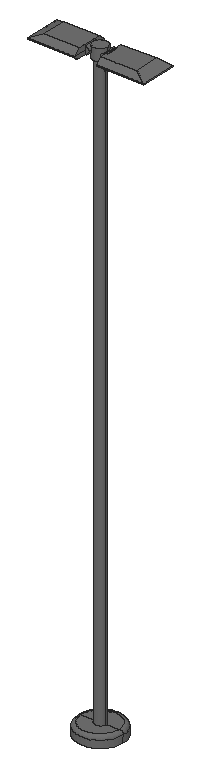
Revit family "99472_HOST_GND", category Lighting Fixtures, host Floor, Revit 2012
Parameters (values of type "Pole Top Luminaires")
  Wattage = 14.2451 W
  built-in parameter 1150110 = 1 (stored number, unit not read)
  URL = "www.bega-us.com"
  built-in parameter 1114217 = 1 (stored number, unit not read)
  Tilt Angle = 90.00°
  built-in parameter 1150109 = 1 (stored number, unit not read)
  built-in parameter 1150134 = 12
  Telephone = "805.684.0533"
  built-in parameter 1150113 = 1 (stored number, unit not read)
  Photometric Web File = "99472.ies"
  Model = "99472"
  Manufacturer = "BEGA-US"
  built-in parameter 1150105 = 168.39 (stored number, unit not read)
  Lumens = 2116 lm
  built-in parameter 1150115 = 1 (stored number, unit not read)
  built-in parameter 1150137 = (empty or 0)
  built-in parameter 1150139 = (empty or 0)
  built-in parameter 1150112 = 1 (stored number, unit not read)
  built-in parameter 1150114 = 1 (stored number, unit not read)
  Lamp = "(2) 26W LED"
  built-in parameter 1150132 = 2
  built-in parameter 1150102 = (empty or 0)
  built-in parameter 1150107 = 4000 (stored number, unit not read)
  built-in parameter 1150138 = (empty or 0)
  built-in parameter 1150106 = 1.6839 (stored number, unit not read)
  built-in parameter 1150104 = 13.8 (stored number, unit not read)
  Dimming Lamp Color Temperature Shift = <None>
  Description = "LED area/roadway twin pole top luminaire"
  Color Filter = 16777215
  built-in parameter 1114218 = 1 (stored number, unit not read)
  built-in parameter 1150133 = 10 (stored number, unit not read)
Reference planes (in)
  plane 1 "Center (Front/Back)": y = 0
  plane 2: z = 0
  plane 3 "Center (Left/Right)": x = 0
Dimensions and locks (in)
  equal spacing: host sketch curve, plane 1 "Center (Front/Back)", host sketch curve
  equal spacing: host sketch curve, plane 3 "Center (Left/Right)", host sketch curve
  host sketch curve to host sketch curve = 10' - 0"  (x2)
  aligned and locked: level to plane 2
Nested families (in)
  nested 1: "9472LED_Single_HOST_GND" at (0, 0, 0), type "9472LED_Single_HOST_GND"
Connectors (in)
  electrical at (0, 0, 0)
    settings: on host floor, index 1, voltage 0 V, apparent load 0 VA, apparent load phase1 0 VA, apparent load phase2 0 VA, apparent load phase3 0 VA, power factor 1, load classification "Other", number of poles 1, system type 31, power factor state 1, is connector primary yes, connector utility no, sub classification motor no, connector description ""
Definition of nested family "9472LED_Single_HOST_GND"
  Parameters (values of type "9472LED_Single_HOST_GND")
    Wattage = 14.2451 W
    built-in parameter 1150110 = 1 (stored number, unit not read)
    URL = "www.bega-us.com"
    built-in parameter 1114217 = 1 (stored number, unit not read)
    Tilt Angle = 90.00°
    built-in parameter 1150109 = 1 (stored number, unit not read)
    built-in parameter 1150134 = 12
    Telephone = "805.684.0533"
    built-in parameter 1150113 = 1 (stored number, unit not read)
    Photometric Web File = "9472LED.IES"
    Model = "9472LED"
    Manufacturer = "BEGA-US"
    built-in parameter 1150105 = 168.39 (stored number, unit not read)
    Lumens = 2116 lm
    built-in parameter 1150115 = 1 (stored number, unit not read)
    built-in parameter 1150137 = (empty or 0)
    built-in parameter 1150139 = (empty or 0)
    built-in parameter 1150112 = 1 (stored number, unit not read)
    built-in parameter 1150114 = 1 (stored number, unit not read)
    Lamp = "26W LED"
    built-in parameter 1150132 = 2
    built-in parameter 1150102 = (empty or 0)
    built-in parameter 1150107 = 4000 (stored number, unit not read)
    built-in parameter 1150138 = (empty or 0)
    built-in parameter 1150106 = 1.6839 (stored number, unit not read)
    built-in parameter 1150104 = 13.8 (stored number, unit not read)
    Dimming Lamp Color Temperature Shift = (empty or 0)
    Description = "LED area/roadway twin pole top luminaire"
    Color Filter = 16777215
    built-in parameter 1114218 = 1 (stored number, unit not read)
    built-in parameter 1150133 = 10 (stored number, unit not read)
  Reference planes (in)
    plane 1 "Center (Front/Back)": y = 0
    plane 2: z = 0
    plane 3 "Center (Left/Right)": x = 0
  Dimensions and locks (in)
    equal spacing: host sketch curve, plane 1 "Center (Front/Back)", host sketch curve
    equal spacing: host sketch curve, plane 3 "Center (Left/Right)", host sketch curve
    host sketch curve to host sketch curve = 10' - 0"  (x2)
    aligned and locked: level to plane 2
  Nested families (in)
    nested 1: "9472LED" at (0, 0, 0), type "9472LED"
  Connectors (in)
    electrical at (0, 0, 0)
      settings: on host floor, index 1, voltage 0 V, apparent load 0 VA, apparent load phase1 0 VA, apparent load phase2 0 VA, apparent load phase3 0 VA, power factor 1, load classification "Other", number of poles 1, system type 31, power factor state 1, is connector primary yes, connector utility no, sub classification motor no, connector description ""
  Definition of nested family "9472LED"
    Reference planes (in)
      plane 1 "Center (Front/Back)": y = 0
      plane 2: z = 0
      plane 3 "Center (Left/Right)": x = 0
    Forms (in)
      Extrusion 1, solid, material "Default"
        sketch origin (0, 0, 168) x (1, 0, 0) y (0, 1, 0)
          loop
            circle (0, 0) r 2
        from 0 to 3
      Extrusion 2, solid, material "Default"
        sketch origin (0, 0, 168) x (1, 0, 0) y (0, 0, 1)
          loop
            arc (2.625, 2.5) -> (1.625, 1.5) -> (2.625, 0.5) r 1
            line (2.625, 0.5) -> (3.25, 0.5) -> (3.25, 2.5) -> (2.625, 2.5)
          loop
            line (-2.625, 2.5) -> (-3.25, 2.5) -> (-3.25, 0.5) -> (-2.625, 0.5)
            arc (-2.625, 0.5) -> (-1.625, 1.5) -> (-2.625, 2.5) r 1
        from -1.75 to 1.75
      Blend 3, solid, material "Default"
        base sketch origin (0, 0, 168) x (1, 0, 0) y (0, 1, 0)
          loop
            line (-3, 3.5) -> (-12.875, 3.5) -> (-12.875, -3.5) -> (-3, -3.5) -> (-3, 3.5)
        top sketch origin (0, 0, 0) x (1, 0, 0) y (0, 1, 0)
          loop
            line (-3, 5) -> (-16, 5) -> (-16, -5) -> (-3, -5) -> (-3, 5)
        from 2.625 to 169.25
      Blend 4, solid, material "Default"
        base sketch origin (0, 0, 168) x (-1, 0, 0) y (0, -1, 0)
          loop
            line (-3, -3.5) -> (-3, 3.5) -> (-12.875, 3.5) -> (-12.875, -3.5) -> (-3, -3.5)
        top sketch origin (0, 0, 0) x (-1, 0, 0) y (0, -1, 0)
          loop
            line (-3, -5) -> (-3, 5) -> (-16, 5) -> (-16, -5) -> (-3, -5)
        from 2.625 to 169.25
      Extrusion 5, solid, material "Default"
        sketch origin (0, 0, 168) x (1, 0, 0) y (0, 1, 0)
          loop
            line (-16, 5) -> (-16, -5) -> (-3, -5) -> (-3, 5) -> (-16, 5)
          loop
            line (3, 5) -> (3, -5) -> (16, -5) -> (16, 5) -> (3, 5)
        from 1.125 to 1.25
      Extrusion 6, solid, material "Default"
        sketch origin (0, 0, 167.875) x (1, 0, 0) y (0, 1, 0)
          loop
            line (-16, 5) -> (-16, -5) -> (-3, -5) -> (-3, 5) -> (-16, 5)
          loop
            line (3, 5) -> (3, -5) -> (16, -5) -> (16, 5) -> (3, 5)
        from 1.125 to 1.25
      Blend 7, solid, material "Default"
        base sketch origin (0, 0, 168) x (1, 0, 0) y (0, 1, 0)
          loop
            line (-3, 4) -> (-15, 4) -> (-15, -4) -> (-3, -4) -> (-3, 4)
        top sketch origin (0, 0, 0) x (1, 0, 0) y (0, 1, 0)
          loop
            line (-16, 5) -> (-16, -5) -> (-3, -5) -> (-3, 5) -> (-16, 5)
        from 0.25 to 169
      Blend 8, solid, material "Default"
        base sketch origin (0, 0, 168) x (-1, 0, 0) y (0, -1, 0)
          loop
            line (-3, -4) -> (-3, 4) -> (-15, 4) -> (-15, -4) -> (-3, -4)
        top sketch origin (0, 0, 0) x (-1, 0, 0) y (0, -1, 0)
          loop
            line (-16, -5) -> (-3, -5) -> (-3, 5) -> (-16, 5) -> (-16, -5)
        from 0.25 to 169
      Extrusion 9, solid, material "Default"
        sketch origin (0, 0, 168) x (1, 0, 0) y (0, 1, 0)
          loop
            circle (0, 0) r 1.125
        from 0 to -3.375
      Revolve 10, solid, material "Default"
        sketch origin (0, 0, 0) x (1, 0, 0) y (0, 0, 1)
          loop
            line (-1.25, 168) -> (-1.5, 168) -> (-1.5, 0) -> (-1.25, 0) -> (-1.25, 168)
          axis (0, 168) -> (0, 0)
        angle from 0 to 360
      Revolve 11, solid, material "Default"
        sketch origin (0, 0, 0) x (1, 0, 0) y (0, 0, 1)
          loop
            line (6.3125, 0) -> (6.3125, 2)
            arc (6.3125, 2) -> (6.01961, 2.70711) -> (5.3125, 3) r 1
            line (5.3125, 3) -> (1.5625, 3) -> (1.5625, 2.875) -> (5.3125, 2.875)
            arc (5.3125, 2.875) -> (5.93122, 2.61872) -> (6.1875, 2) r 0.875
            line (6.1875, 2) -> (6.1875, 0) -> (6.3125, 0)
          axis (0, 3) -> (0, 0)
        angle from 0 to 360
      Extrusion 12, void
        sketch origin (0, 0, 0) x (1, 0, 0) y (0, 1, 0)
          loop
            line (-14, 0) -> (-14, -3.5) -> (-8.5, -3.5) -> (-8.5, 3.5) -> (-14, 3.5) -> (-14, 0)
          loop
            line (14, 0) -> (14, 3.5) -> (8.5, 3.5) -> (8.5, -3.5) -> (14, -3.5) -> (14, 0)
        from 169.75 to 168.25
      Extrusion 13, solid, material "Glass"
        sketch origin (0, 0, 0) x (1, 0, 0) y (0, 1, 0)
          loop
            line (-14, 3.5) -> (-14, -3.5) -> (-8.5, -3.5) -> (-8.5, 3.5) -> (-14, 3.5)
          loop
            line (14, 3.5) -> (8.5, 3.5) -> (8.5, -3.5) -> (14, -3.5) -> (14, 3.5)
        from 168.375 to 168.25
    Cuts and joins
      Extrusion 12 cuts Blend 3
      Extrusion 12 cuts Blend 4
      Extrusion 12 cuts Extrusion 5
      joined: Blend 3, Blend 4, Extrusion 5
      Extrusion 12 cuts Extrusion 6
      Extrusion 12 cuts Blend 7
      Extrusion 12 cuts Blend 8
      joined: Extrusion 6, Blend 7, Blend 8
    Dimensions and locks (in)
      aligned and locked: plane 2 to level
